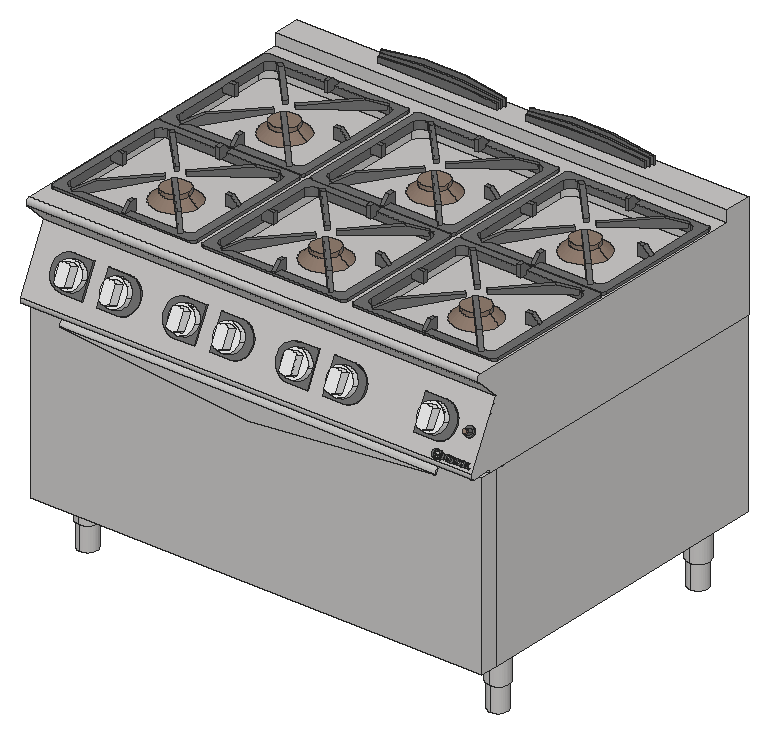
Revit family "QF_GIORIK_CG960H", category Specialty Equipment, Revit 2014 (continued)
Lines and regions (mm)
  symbolic lines, style "200-EquipInternal-2D"
    curve 114: line (732.148, -494.697, 899.988) -> (609.295, -630.492, 899.988)
    curve 115: line (616.712, -670.189, 899.988) -> (609.296, -676.898, 899.988)
    curve 116: line (609.296, -676.898, 899.988) -> (732.152, -812.699, 899.988)
    curve 117: line (745.637, -812.699, 899.988) -> (616.712, -670.189, 899.988)
    curve 119: line (63.919, -287.698, 899.988) -> (63.919, -277.698, 899.988)
    curve 120: arc (30, -152.695, 899.988) -> (35.858, -138.553, 899.988) -> (50, -132.695, 899.988) r 20
    curve 122: line (808.046, -122.695, 899.988) -> (808.046, -462.697, 899.988)
    curve 123: line (830, -430.697, 899.988) -> (830, -152.695, 899.988)
    curve 124: arc (850, -450.697, 899.988) -> (835.858, -444.839, 899.988) -> (830, -430.697, 899.988) r 20
    curve 125: arc (808.046, -462.697, 899.988) -> (810.975, -469.768, 899.988) -> (818.046, -472.697, 899.988) r 10
    curve 126: line (818.046, -472.697, 899.988) -> (1182.046, -472.697, 899.988)
    curve 127: line (1150, -450.697, 899.988) -> (850, -450.697, 899.988)
    curve 128: arc (1170, -430.697, 899.988) -> (1164.142, -444.839, 899.988) -> (1150, -450.697, 899.988) r 20
    curve 129: arc (1192.046, -482.697, 899.988) -> (1189.117, -475.626, 899.988) -> (1182.046, -472.697, 899.988) r 10
    curve 130: arc (1182.046, -472.697, 899.988) -> (1189.117, -469.768, 899.988) -> (1192.046, -462.697, 899.988) r 10
    curve 131: line (1192.046, -462.697, 899.988) -> (1192.046, -122.695, 899.988)
    curve 132: arc (818.046, -112.695, 899.988) -> (810.975, -115.624, 899.988) -> (808.046, -122.695, 899.988) r 10
    curve 133: arc (830, -152.695, 899.988) -> (835.858, -138.553, 899.988) -> (850, -132.695, 899.988) r 20
    curve 134: line (850, -132.695, 899.988) -> (1150, -132.695, 899.988)
    curve 135: arc (1150, -132.695, 899.988) -> (1164.142, -138.553, 899.988) -> (1170, -152.695, 899.988) r 20
    curve 136: arc (830, -514.697, 899.988) -> (835.858, -500.555, 899.988) -> (850, -494.697, 899.988) r 20
    curve 137: line (830, -792.699, 899.988) -> (830, -514.697, 899.988)
    curve 138: line (850, -494.697, 899.988) -> (1150, -494.697, 899.988)
    curve 139: arc (1150, -494.697, 899.988) -> (1164.142, -500.555, 899.988) -> (1170, -514.697, 899.988) r 20
    curve 140: line (1170, -514.697, 899.988) -> (1170, -792.699, 899.988)
    curve 141: arc (1170, -792.699, 899.988) -> (1164.142, -806.841, 899.988) -> (1150, -812.699, 899.988) r 20
    curve 142: line (1150, -812.699, 899.988) -> (850, -812.699, 899.988)
    curve 143: arc (850, -812.699, 899.988) -> (835.858, -806.841, 899.988) -> (830, -792.699, 899.988) r 20
    curve 144: line (808.046, -482.697, 899.988) -> (808.046, -822.699, 899.988)
    curve 145: arc (808.046, -822.699, 899.988) -> (810.975, -829.77, 899.988) -> (818.046, -832.699, 899.988) r 10
    curve 146: line (818.046, -832.699, 899.988) -> (1182.046, -832.699, 899.988)
    curve 147: arc (818.046, -472.697, 899.988) -> (810.975, -475.626, 899.988) -> (808.046, -482.697, 899.988) r 10
    curve 148: line (1192.046, -822.699, 899.988) -> (1192.046, -482.697, 899.988)
    curve 149: arc (1182.046, -832.699, 899.988) -> (1189.117, -829.77, 899.988) -> (1192.046, -822.699, 899.988) r 10
    curve 150: line (1170, -152.695, 899.988) -> (1170, -430.697, 899.988)
    curve 151: line (983.382, -308.194, 899.988) -> (854.461, -450.697, 899.988)
    curve 152: line (854.455, -132.695, 899.988) -> (983.381, -275.203, 899.988)
    curve 153: line (990.796, -268.494, 899.988) -> (867.94, -132.695, 899.988)
    curve 154: line (867.946, -450.697, 899.988) -> (990.798, -314.903, 899.988)
    curve 155: line (1009.295, -314.901, 899.988) -> (1132.146, -450.697, 899.988)
    curve 156: line (1145.631, -450.697, 899.988) -> (1016.711, -308.192, 899.988)
    curve 157: line (1132.152, -132.695, 899.988) -> (1009.296, -268.496, 899.988)
    curve 158: line (1016.712, -275.204, 899.988) -> (1145.637, -132.695, 899.988)
    curve 159: line (1136.172, -287.698, 899.988) -> (1170, -287.698, 899.988)
    curve 160: line (1170, -277.698, 899.988) -> (1136.172, -277.698, 899.988)
    curve 161: line (995, -152.454, 899.988) -> (1005, -152.454, 899.988)
    curve 162: line (1005, -152.454, 899.988) -> (1005, -132.695, 899.988)
    curve 163: line (995, -132.695, 899.988) -> (995, -152.454, 899.988)
    curve 164: line (1005.046, -512.456, 899.988) -> (1005.046, -494.697, 899.988)
    curve 165: line (995.046, -494.697, 899.988) -> (995.046, -512.456, 899.988)
    curve 166: line (818.046, -472.697, 899.988) -> (1182.046, -472.697, 899.988)
    curve 167: line (1005.046, -432.937, 899.988) -> (995.046, -432.937, 899.988)
    curve 168: line (1005.046, -450.697, 899.988) -> (1005.046, -432.937, 899.988)
    curve 169: line (995.046, -432.937, 899.988) -> (995.046, -450.697, 899.988)
    curve 170: line (995.046, -512.456, 899.988) -> (1005.046, -512.456, 899.988)
    curve 171: line (854.464, -494.697, 899.988) -> (983.382, -637.199, 899.988)
    curve 172: line (990.798, -630.491, 899.988) -> (867.949, -494.697, 899.988)
    curve 173: line (983.382, -637.199, 899.988) -> (990.798, -630.491, 899.988)
    curve 174: line (1009.295, -630.492, 899.988) -> (1016.711, -637.201, 899.988)
    curve 175: line (1132.148, -494.697, 899.988) -> (1009.295, -630.492, 899.988)
    curve 176: line (1016.711, -637.201, 899.988) -> (1145.633, -494.697, 899.988)
    curve 177: line (1009.296, -676.898, 899.988) -> (1132.152, -812.699, 899.988)
    curve 178: line (1145.637, -812.699, 899.988) -> (1016.712, -670.189, 899.988)
    curve 179: line (867.94, -812.699, 899.988) -> (990.796, -676.899, 899.988)
    curve 180: line (983.381, -670.19, 899.988) -> (854.455, -812.699, 899.988)
    curve 181: line (990.796, -676.899, 899.988) -> (983.381, -670.19, 899.988)
    curve 182: line (195.046, -494.697, 899.988) -> (195.046, -512.456, 899.988)
    curve 183: line (195.046, -512.456, 899.988) -> (205.046, -512.456, 899.988)
    curve 184: line (205.046, -432.937, 899.988) -> (195.046, -432.937, 899.988)
    curve 185: line (195.046, -432.937, 899.988) -> (195.046, -450.697, 899.988)
    curve 186: line (205.046, -450.697, 899.988) -> (205.046, -432.937, 899.988)
    curve 187: line (205.046, -494.697, 899.988) -> (205.046, -512.456, 899.988)
    curve 188: line (605.046, -450.697, 899.988) -> (605.046, -432.937, 899.988)
    curve 189: line (595.046, -432.937, 899.988) -> (595.046, -450.697, 899.988)
    curve 190: line (605.046, -432.937, 899.988) -> (595.046, -432.937, 899.988)
    curve 191: line (595.046, -494.697, 899.988) -> (595.046, -512.456, 899.988)
    curve 192: line (605.046, -512.456, 899.988) -> (605.046, -494.697, 899.988)
    curve 193: line (595.046, -512.456, 899.988) -> (605.046, -512.456, 899.988)
    curve 194: line (238, -17.695, 899.988) -> (568, -17.695, 899.988)
    curve 195: line (632, -17.695, 899.988) -> (962, -17.695, 899.988)
    curve 196: line (568, -14.695, 899.988) -> (238, -14.695, 899.988)
    curve 197: line (962, -14.695, 899.988) -> (632, -14.695, 899.988)
    curve 198: line (238, -14.695, 899.988) -> (238, -17.695, 899.988)
    curve 199: line (241, -24.695, 899.988) -> (241, -27.695, 899.988)
    curve 200: line (244, -34.695, 899.988) -> (244, -37.695, 899.988)
    curve 201: line (565, -24.695, 899.988) -> (241, -24.695, 899.988)
    curve 202: line (241, -27.695, 899.988) -> (565, -27.695, 899.988)
    curve 203: line (244, -37.695, 899.988) -> (562, -37.695, 899.988)
    curve 204: line (568, -17.695, 899.988) -> (568, -14.695, 899.988)
    curve 205: line (565, -27.695, 899.988) -> (565, -24.695, 899.988)
    curve 206: line (562, -34.695, 899.988) -> (244, -34.695, 899.988)
    curve 207: line (562, -37.695, 899.988) -> (562, -34.695, 899.988)
    curve 208: line (638, -34.695, 899.988) -> (638, -37.695, 899.988)
    curve 209: line (635, -24.695, 899.988) -> (635, -27.695, 899.988)
    curve 210: line (959, -24.695, 899.988) -> (635, -24.695, 899.988)
    curve 211: line (635, -27.695, 899.988) -> (959, -27.695, 899.988)
    curve 212: line (956, -34.695, 899.988) -> (638, -34.695, 899.988)
    curve 213: line (638, -37.695, 899.988) -> (956, -37.695, 899.988)
    curve 214: line (962, -17.695, 899.988) -> (962, -14.695, 899.988)
    curve 215: line (959, -27.695, 899.988) -> (959, -24.695, 899.988)
    curve 216: line (956, -37.695, 899.988) -> (956, -34.695, 899.988)
    curve 217: line (0, -72.695, 899.988) -> (1200, -72.695, 899.988)
    curve 218: line (30, -792.699, 899.988) -> (30, -514.697, 899.988)
    curve 219: line (63.919, -658.699, 899.988) -> (63.919, -648.699, 899.988)
    curve 220: line (30, -658.699, 899.988) -> (63.919, -658.699, 899.988)
    curve 221: line (63.919, -648.699, 899.988) -> (30, -648.699, 899.988)
    curve 222: line (336.172, -658.699, 899.988) -> (370, -658.699, 899.988)
    curve 223: line (336.172, -648.699, 899.988) -> (336.172, -658.699, 899.988)
    curve 224: line (370, -648.699, 899.988) -> (336.172, -648.699, 899.988)
    curve 225: line (430, -658.699, 899.988) -> (463.919, -658.699, 899.988)
    curve 226: line (463.919, -658.699, 899.988) -> (463.919, -648.699, 899.988)
    curve 227: line (463.919, -648.699, 899.988) -> (430, -648.699, 899.988)
    curve 228: line (1005, -792.939, 899.988) -> (995, -792.939, 899.988)
    curve 229: line (1005, -792.939, 899.988) -> (1005, -812.699, 899.988)
    curve 230: line (995, -812.699, 899.988) -> (995, -792.939, 899.988)
    curve 231: line (770, -658.699, 899.988) -> (736.172, -658.699, 899.988)
    curve 232: line (736.172, -658.699, 899.988) -> (736.172, -648.699, 899.988)
    curve 233: line (736.172, -648.699, 899.988) -> (770, -648.699, 899.988)
    curve 234: arc (583.75, -622.7, 899.988) -> (600.036, -618.699, 899.988) -> (616.314, -622.733, 899.988) r 35
    curve 235: arc (624.749, -628.95, 899.988) -> (634.999, -653.908, 899.988) -> (624.45, -678.742, 899.988) r 35
    curve 236: arc (616.32, -684.661, 899.988) -> (600.036, -688.698, 899.988) -> (583.744, -684.694, 899.988) r 35
    curve 237: arc (575.251, -678.447, 899.988) -> (565.001, -653.451, 899.988) -> (575.604, -628.602, 899.988) r 35
    curve 238: arc (558.821, -697.337, 899.988) -> (540, -653.695, 899.988) -> (558.826, -610.056, 899.988) r 60
    curve 239: arc (566.663, -603.812, 899.988) -> (600.035, -593.699, 899.988) -> (633.396, -603.852, 899.988) r 60
    curve 240: arc (641.385, -609.927, 899.988) -> (660.239, -653.696, 899.988) -> (641.389, -697.466, 899.988) r 60.239
    curve 241: arc (633.401, -703.542, 899.988) -> (600.035, -713.699, 899.988) -> (566.657, -703.581, 899.988) r 60
    curve 242: arc (183.764, -622.716, 899.988) -> (200.047, -618.699, 899.988) -> (216.329, -622.717, 899.988) r 35
    curve 243: arc (224.794, -628.95, 899.988) -> (235.045, -653.925, 899.988) -> (224.472, -678.766, 899.988) r 35
    curve 244: arc (216.334, -684.677, 899.988) -> (200.047, -688.699, 899.988) -> (183.759, -684.678, 899.988) r 35
    curve 245: arc (175.297, -678.447, 899.988) -> (165.046, -653.468, 899.988) -> (175.626, -628.625, 899.988) r 35
    curve 246: arc (158.842, -697.314, 899.988) -> (140.046, -653.695, 899.988) -> (158.847, -610.079, 899.988) r 60
    curve 247: arc (166.68, -603.831, 899.988) -> (200.047, -593.699, 899.988) -> (233.414, -603.833, 899.988) r 60
    curve 248: arc (241.246, -610.081, 899.988) -> (260.046, -653.696, 899.988) -> (241.25, -697.313, 899.988) r 60
    curve 249: arc (233.278, -703.407, 899.988) -> (200.046, -713.492, 899.988) -> (166.814, -703.408, 899.988) r 59.794
    curve 250: arc (1192.046, -122.695, 899.988) -> (1189.117, -115.624, 899.988) -> (1182.046, -112.695, 899.988) r 10
    curve 251: line (1182.046, -112.695, 899.988) -> (818.046, -112.695, 899.988)
    curve 252: line (1136.172, -277.698, 899.988) -> (1136.172, -287.698, 899.988)
    curve 253: line (1170, -658.699, 899.988) -> (1136.172, -658.699, 899.988)
    curve 254: line (1136.172, -658.699, 899.988) -> (1136.172, -648.699, 899.988)
    curve 255: line (1136.172, -648.699, 899.988) -> (1170, -648.699, 899.988)
    curve 256: line (830, -648.699, 899.988) -> (863.919, -648.699, 899.988)
    curve 257: line (863.919, -648.699, 899.988) -> (863.919, -658.699, 899.988)
    curve 258: line (863.919, -658.699, 899.988) -> (830, -658.699, 899.988)
    curve 259: arc (983.75, -622.7, 899.988) -> (1000.036, -618.699, 899.988) -> (1016.314, -622.733, 899.988) r 35
    curve 260: arc (966.663, -603.812, 899.988) -> (1000.036, -593.699, 899.988) -> (1033.396, -603.852, 899.988) r 60
    curve 261: arc (1024.749, -628.95, 899.988) -> (1034.999, -653.908, 899.988) -> (1024.45, -678.742, 899.988) r 35
    curve 262: arc (1042.426, -611.272, 899.988) -> (1059.994, -654.534, 899.988) -> (1041.229, -697.289, 899.988) r 60
    curve 263: arc (1016.32, -684.661, 899.988) -> (1000.036, -688.698, 899.988) -> (983.744, -684.694, 899.988) r 35
    curve 264: arc (1033.401, -703.542, 899.988) -> (1000.035, -713.699, 899.988) -> (966.657, -703.581, 899.988) r 60
    curve 265: arc (975.251, -678.447, 899.988) -> (965.001, -653.451, 899.988) -> (975.604, -628.602, 899.988) r 35
    curve 266: arc (957.574, -696.125, 899.988) -> (940.006, -652.825, 899.988) -> (958.826, -610.056, 899.988) r 60
    curve 293: line (190.796, -268.494, 899.988) -> (183.381, -275.203, 899.988)
    curve 294: line (183.382, -308.194, 899.988) -> (190.798, -314.903, 899.988)
    curve 295: line (209.295, -314.901, 899.988) -> (216.711, -308.192, 899.988)
    curve 296: line (216.712, -275.204, 899.988) -> (209.296, -268.496, 899.988)
    curve 297: line (590.796, -268.494, 899.988) -> (583.381, -275.203, 899.988)
    curve 298: line (583.382, -308.194, 899.988) -> (590.798, -314.903, 899.988)
    curve 299: line (609.295, -314.901, 899.988) -> (616.711, -308.192, 899.988)
    curve 300: line (616.712, -275.204, 899.988) -> (609.296, -268.496, 899.988)
    curve 301: line (983.382, -308.194, 899.988) -> (990.798, -314.903, 899.988)
    curve 302: line (1009.295, -314.901, 899.988) -> (1016.711, -308.192, 899.988)
    curve 303: line (990.796, -268.494, 899.988) -> (983.381, -275.203, 899.988)
    curve 304: line (336.172, -286.695, 899.988) -> (370, -286.695, 899.988)
    curve 305: line (336.172, -296.695, 899.988) -> (336.172, -286.695, 899.988)
    curve 306: line (370, -296.695, 899.988) -> (336.172, -296.695, 899.988)
    curve 307: line (430, -286.695, 899.988) -> (463.919, -286.695, 899.988)
    curve 308: line (463.919, -286.695, 899.988) -> (463.919, -296.695, 899.988)
    curve 309: line (463.919, -296.695, 899.988) -> (430, -296.695, 899.988)
    curve 310: line (770, -286.695, 899.988) -> (736.172, -286.695, 899.988)
    curve 311: line (736.172, -286.695, 899.988) -> (736.172, -296.695, 899.988)
    curve 312: line (736.172, -296.695, 899.988) -> (770, -296.695, 899.988)
    curve 313: arc (583.75, -322.694, 899.988) -> (600.036, -326.695, 899.988) -> (616.314, -322.66, 899.988) r 35
    curve 314: arc (624.749, -316.444, 899.988) -> (634.999, -291.485, 899.988) -> (624.45, -266.651, 899.988) r 35
    curve 315: arc (616.32, -260.732, 899.988) -> (600.036, -256.695, 899.988) -> (583.744, -260.699, 899.988) r 35
    curve 316: arc (575.251, -266.946, 899.988) -> (565.001, -291.943, 899.988) -> (575.604, -316.792, 899.988) r 35
    curve 317: arc (558.821, -248.056, 899.988) -> (540, -291.698, 899.988) -> (558.826, -335.338, 899.988) r 60
    curve 318: arc (566.663, -341.581, 899.988) -> (600.035, -351.695, 899.988) -> (633.396, -341.542, 899.988) r 60
    curve 319: arc (641.385, -335.466, 899.988) -> (660.239, -291.697, 899.988) -> (641.389, -247.927, 899.988) r 60.239
    curve 320: arc (633.401, -241.851, 899.988) -> (600.035, -231.695, 899.988) -> (566.657, -241.812, 899.988) r 60
    curve 321: arc (183.764, -322.677, 899.988) -> (200.047, -326.695, 899.988) -> (216.329, -322.676, 899.988) r 35
    curve 322: arc (224.794, -316.444, 899.988) -> (235.045, -291.468, 899.988) -> (224.472, -266.627, 899.988) r 35
    curve 323: arc (216.334, -260.716, 899.988) -> (200.047, -256.695, 899.988) -> (183.759, -260.715, 899.988) r 35
    curve 324: arc (175.297, -266.946, 899.988) -> (165.046, -291.926, 899.988) -> (175.626, -316.768, 899.988) r 35
    curve 325: arc (158.842, -248.08, 899.988) -> (140.046, -291.698, 899.988) -> (158.847, -335.315, 899.988) r 60
    curve 326: arc (166.68, -341.562, 899.988) -> (200.047, -351.695, 899.988) -> (233.414, -341.56, 899.988) r 60
    curve 327: arc (241.246, -335.313, 899.988) -> (260.046, -291.697, 899.988) -> (241.25, -248.081, 899.988) r 60
    curve 328: arc (233.278, -241.987, 899.988) -> (200.046, -231.901, 899.988) -> (166.814, -241.986, 899.988) r 59.794
    curve 329: line (830, -296.695, 899.988) -> (863.919, -296.695, 899.988)
    curve 330: line (863.919, -296.695, 899.988) -> (863.919, -286.695, 899.988)
    curve 331: line (863.919, -286.695, 899.988) -> (830, -286.695, 899.988)
    curve 332: arc (983.75, -322.694, 899.988) -> (1000.036, -326.695, 899.988) -> (1016.314, -322.66, 899.988) r 35
    curve 333: arc (966.663, -341.581, 899.988) -> (1000.035, -351.695, 899.988) -> (1033.396, -341.542, 899.988) r 60
    curve 334: arc (1024.749, -316.444, 899.988) -> (1034.999, -291.485, 899.988) -> (1024.45, -266.651, 899.988) r 35
    curve 335: arc (1042.426, -334.121, 899.988) -> (1059.994, -290.86, 899.988) -> (1041.229, -248.104, 899.988) r 60
    curve 336: arc (1016.32, -260.732, 899.988) -> (1000.036, -256.695, 899.988) -> (983.744, -260.699, 899.988) r 35
    curve 337: arc (1033.401, -241.851, 899.988) -> (1000.035, -231.695, 899.988) -> (966.657, -241.812, 899.988) r 60
    curve 338: arc (975.251, -266.946, 899.988) -> (965.001, -291.943, 899.988) -> (975.604, -316.792, 899.988) r 35
    curve 339: arc (957.574, -249.268, 899.988) -> (940.006, -292.568, 899.988) -> (958.826, -335.338, 899.988) r 60
    curve 340: line (1009.296, -268.496, 899.988) -> (1016.712, -275.204, 899.988)
    curve 341: line (1016.712, -670.189, 899.988) -> (1009.296, -676.898, 899.988)
  symbolic lines, style "QF_Door-Drawer Clearances", visible <- "Show Clearance", detail levels coarse
    curve 267: line (0, -1354.862, 899.988) -> (1200, -1354.862, 899.988)
    curve 268: line (0, -920.049, 899.988) -> (0, -1354.862, 899.988)
    curve 269: line (1200, -1354.862, 899.988) -> (1200, -920.049, 899.988)
Dimensions and locks
  plane 3 "Left" to plane 4 "Right" = 1200 mm
  plane 5 "Front" to plane 1 "Back" = 920 mm
  plane 6 "Top" to level = 899.988 mm
  aligned and locked: level to plane 2
Connectors
  piping at (50, -387.717, 130), diameter 25.4, driven by "Gas Size"
    settings: on Extrusion 6, index 1, connector inside diameter 24", connector length 0 mm, flow factor 0, pipe flow 0.0 L/s, pressure drop 0.0 Pa, fitting loss kfactor 0, connector angle 0.00°, fixture units 0, engagement length 0 mm, angle of deflection 0.00°, flow configuration 1, flow direction 1, fitting loss method 0, system type 22, joint type 0, gender type 0, connector reference index -1, connector utility 0, adjustable connector no, is connector primary yes, connector description "Gas inlet"
  piping at (50, -387.717, 130), diameter 25.4, driven by "Gas Size"
    settings: on Extrusion 29, index 2, connector inside diameter 24", connector length 0 mm, flow factor 0, pipe flow 0.0 L/s, pressure drop 0.0 Pa, fitting loss kfactor 0, connector angle 0.00°, fixture units 0, engagement length 0 mm, angle of deflection 0.00°, flow configuration 1, flow direction 1, fitting loss method 0, system type 22, joint type 0, gender type 0, connector reference index -1, connector utility 0, adjustable connector no, is connector primary no, connector description "Gas Inlet"
